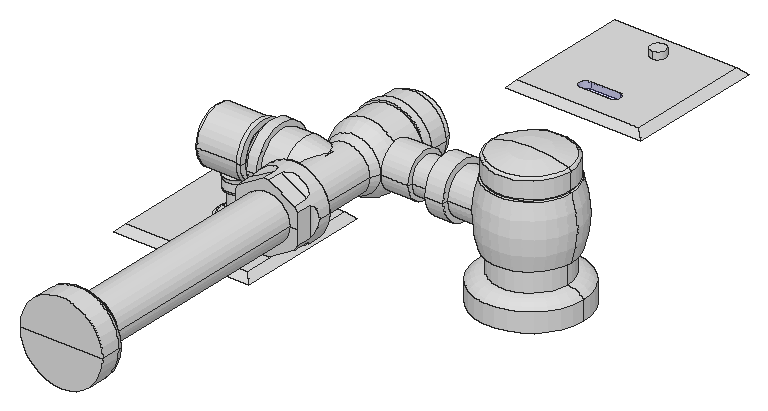
Revit family "Plumbing-Valves-Sloan-CROWN-111-ESSz", category Plumbing Fixtures, host Face, Revit 2019
Family settings
  Host = Face
  Round Connector Dimension = Use Diameter
  Part Type = Normal
  OmniClass Number = 23.45.05.14.99
  OmniClass Title = Other Sanitary Washing Plumbing Fixtures
  Cut with Voids When Loaded = No
  Shared = No
  Room Calculation Point = No
Parameters (values of type "CROWN 111 ESS-1.6-OR-HW")
  Water Inlet Connection Diameter = 1"  # constant formula
  Waste Connection = no
  WFU = 0
  Voltage = 24 V
  Vent Connection = no
  Valve Pressure Drop = 0.00 psi
  URL = "www.sloanvalve.com"
  Product data url = "https://www.bimobject.com/sloan_valve/product/flushometers_crown-111-ess"
  Product Material = Sloan Valve - Finish - Polished Chrome
  Product Guid = ""
  Power Factor = 0.8
  Part Number = "3520000"
  Operating Water Pressure = "15 – 80 PSI (103 – 552 kPa)"  # constant formula
  Number of Poles = 3
  Model = "CROWN 111 ESS-1.6-OR-HW"
  Manufacturer = "Sloan Valve"  # constant formula
  Keynote = "15410"
  Height = 13 1/2"  # constant formula
  HWFU = 0
  HW Connection = no
  Flush Rate = "1.6 gpf (6.0 Lpf)"
  Edition number = 1
  Description = "1.6 gpf, Polished Chrome Finish, Fixture Connection Top Spud, Single Flush, Electrical Override, Hardwired, Sensor-Operated, Crown® Exposed Sensor Hardwired Water Closet Flushometer."
  Default Elevation = 0"
  Current = 0 A
  Centerline of Supply to Centerline of Valve = 4 3/4"  # constant formula
  Centerline of Supply from Top of Fixture = 11 1/2"  # constant formula
  CWFU = 0
  CW Connection = yes
  Assembly Code = "D2020300"
  Apparent Load = (Voltage * Current) / (Power Factor * Number of Poles)  # 0 VA
Types (3): name | Part Number | Model | Flush Rate | Description
  CROWN 111 ESS-1.28-YO-OR-HW | "3520004" | "CROWN 111 ESS-1.28-YO-OR-HW" | "1.28 gpf (4.8 Lpf)" | "1.28 gpf, Angle Stop Bumper, Polished Chrome Finish, Fixture Connection Top Spud, Single Flush, Electrical Override, Hardwired, Sensor-Operated, Crown® Exposed Sensor Hardwired Water Closet Flushometer"
  CROWN 111 ESS-1.6-OR-HW | "3520000" | "CROWN 111 ESS-1.6-OR-HW" | "1.6 gpf (6.0 Lpf)" | "1.6 gpf, Polished Chrome Finish, Fixture Connection Top Spud, Single Flush, Electrical Override, Hardwired, Sensor-Operated, Crown® Exposed Sensor Hardwired Water Closet Flushometer."
  CROWN 111 ESS-1.28-OR-HW | "3520002" | "CROWN 111 ESS-1.28-OR-HW" | "1.28 gpf (4.8 Lpf)" | "1.28 gpf, Polished Chrome Finish, Fixture Connection Top Spud, SingleFlush, Electrical Override, Hardwired, Sensor-Operated, Crown® Exposed Sensor Hardwired Water Closet Flushometer."
Reference planes (in)
  plane 1 "Center (Front/Back)": y = 0
  plane 2: z = 0
  plane 3 "Center (Left/Right)": x = 0
  plane 4: x = 4.75
  plane 5: y = -11.5
Dimensions and locks (in)
  "Centerline of Supply to Centerline of Valve": plane 3 "Center (Left/Right)" to plane 4
  aligned and locked: plane 2 to host face
  aligned and locked: level to host face
  aligned and locked: nested 1 to plane 4
Automatic sketch dimensions
  host sketch curve to host sketch curve = 96"  (x2)
Nested families (in)
  nested 1: "Geometry" at (0, -11.5, 0) x (1, 0, 0) z (0, 1, 0), type "Geometry"
Connectors (in)
  piping at (4.75, 0, 0), diameter 1, driven by "Water Inlet Connection Diameter", driven by "CWFU", driven by "Valve Pressure Drop"
    settings: on nested 1, index 1, connector inside diameter 24", connector length 0", flow factor 0, pipe flow 0 GPM, pressure drop 0.00 psi, fitting loss kfactor 0, connector angle 0.00°, fixture units 0, engagement length 0", angle of deflection 0.00°, flow configuration 3, flow direction 1, fitting loss method 4, system type 20, joint type 0, gender type 0, connector reference index -1, connector utility 0, adjustable connector no, is connector primary yes, connector description "Water Inlet Connection"
  electrical at (-2.83158, -1.5, 0), driven by "Number of Poles", driven by "Voltage", driven by "Apparent Load", driven by "Apparent Load", driven by "Apparent Load", driven by "Power Factor"
    settings: on nested 1, index 2, voltage 24 V, apparent load 0 VA, apparent load phase1 0 VA, apparent load phase2 0 VA, apparent load phase3 0 VA, power factor 0.8, load classification "Other", number of poles 3, system type 31, power factor state 1, is connector primary yes, connector utility no, sub classification motor no, connector description "Electrical Connection"
Definition of nested family "Geometry"
  Parameters (values of type "Geometry")
    URL = ""
    Product Material = none
    Model = ""
    Manufacturer = ""
    Keynote = ""
    Description = ""
    Default Elevation = 0"
    Assembly Code = ""
  Reference planes (in)
    plane 1 "Center (Front/Back)": y = 0
    plane 2: z = 0
    plane 3 "Center (Left/Right)": x = 0
    plane 4: x = 4.75
    plane 5: y = -2.25
    plane 6: z = 11.5
  Forms (in)
    Extrusion 1, solid
      sketch origin (0, 0, 0) x (1, 0, 0) y (0, 1, 0)
        loop
          line (-48, 48) -> (-48, -48) -> (48, -48) -> (48, 48) -> (-48, 48)
      from 0 to -12
    Extrusion 2, solid, material <- "Product Material", not visible
      sketch origin (0, 0, 0) x (1, 0, 0) y (0, 0, 1)
        loop
          circle (4.75, 11.5) r 1
      from 0.07956 to 0
    Blend 3, solid, material <- "Product Material"
      base sketch origin (4.92126, 0, -15) x (-1, 0, 0) y (0, 0, 1)
        loop
          line (6.92126, 34) -> (6.92126, 38) -> (2.92126, 38) -> (2.92126, 34) -> (6.92126, 34)
      top sketch origin (4.92126, 0, -15) x (-1, 0, 0) y (0, 0, 1)
        loop
          line (3.10876, 37.8125) -> (3.10876, 34.1875) -> (6.73376, 34.1875) -> (6.73376, 37.8125) -> (3.10876, 37.8125)
      from 0 to -0.1875
    Extrusion 4, solid, material <- "Product Material"
      sketch origin (4.92126, 0, -15) x (-1, 0, 0) y (0, 0, 1)
        loop
          circle (4.92126, 37.15625) r 0.21875
      from -0.375 to -0.1875
    Blend 5, solid, material <- "Product Material"
      base sketch origin (2.08968, 0, -26) x (-1, 0, 0) y (0, 0, 1)
        loop
          line (6.92126, 34) -> (6.92126, 38) -> (2.92126, 38) -> (2.92126, 34) -> (6.92126, 34)
      top sketch origin (2.08968, 0, -26) x (-1, 0, 0) y (0, 0, 1)
        loop
          line (3.10876, 37.8125) -> (3.10876, 34.1875) -> (6.73376, 34.1875) -> (6.73376, 37.8125) -> (3.10876, 37.8125)
      from 0 to -0.1875
    Extrusion 6, solid
      sketch origin (4.92126, 0, -15) x (-1, 0, 0) y (0, 0, 1)
        loop
          line (5.34635, 35.1875) -> (4.49617, 35.1875)
          arc (4.49617, 35.1875) -> (4.30867, 35) -> (4.49617, 34.8125) r 0.1875
          line (4.49617, 34.8125) -> (5.34635, 34.8125)
          arc (5.34635, 34.8125) -> (5.53385, 35) -> (5.34635, 35.1875) r 0.1875
      from -0.1875 to 0
    Extrusion 7, void
      sketch origin (4.92126, 0, -15) x (-1, 0, 0) y (0, 0, 1)
        loop
          line (5.34635, 35.1875) -> (4.49617, 35.1875)
          arc (4.49617, 35.1875) -> (4.30867, 35) -> (4.49617, 34.8125) r 0.1875
          line (4.49617, 34.8125) -> (5.34635, 34.8125)
          arc (5.34635, 34.8125) -> (5.53385, 35) -> (5.34635, 35.1875) r 0.1875
      from -0.1875 to 0
    Revolve 8, solid, material <- "Product Material"
      sketch origin (-21.18583, -2.25, 142.48031) x (-1, 0, 0) y (0, 0, 1)
        loop
          line (-21.18583, -142.48031) -> (-21.18583, -134.86233) -> (-21.87333, -134.86233) -> (-21.87333, -141.35531) -> (-21.96281, -141.35531) -> (-21.96281, -141.73031) -> (-22.27652, -141.73031)
          arc (-22.27652, -141.73031) -> (-22.36707, -141.76782) -> (-22.40458, -141.85837) r 0.12805
          line (-22.40458, -141.85837) -> (-22.40458, -142.48031) -> (-21.18583, -142.48031)
        loop
          line (-21.18583, -133.80894) -> (-21.18583, -129.16813)
          arc (-21.18583, -129.16813) -> (-21.63772, -129.1837) -> (-22.08747, -129.23031) r 6.56794
          line (-22.08747, -129.23031) -> (-22.08747, -129.46146) -> (-22.18583, -129.46146) -> (-22.18583, -130.04281) -> (-22.24089, -130.04281) -> (-22.24089, -130.2913) -> (-22.18601, -130.2913) -> (-22.18601, -131.12971)
          arc (-22.18601, -131.12971) -> (-22.12347, -131.39925) -> (-21.98121, -131.63656) r 0.89039
          arc (-21.98121, -131.63656) -> (-21.9317, -131.77297) -> (-21.87333, -131.90582) r 2.20623
          line (-21.87333, -131.90582) -> (-21.87333, -133.80894) -> (-21.18583, -133.80894)
        axis (-21.18583, -142.48031) -> (-21.18583, -129.16813)
      angle from 0 to 360
    Revolve 9, solid, material <- "Product Material"
      sketch origin (-21.18583, -2.25, 142.48031) x (-1, 0, 0) y (0, 0, 1)
        loop
          line (-17.49676, -132.48048) -> (-17.49676, -132.32371)
          arc (-17.49676, -132.32371) -> (-17.55143, -132.19171) -> (-17.68344, -132.13703) r 0.18668
          line (-17.68344, -132.13703) -> (-17.80926, -132.13703) -> (-17.80926, -131.72972)
          arc (-17.80926, -131.72972) -> (-17.8272, -131.68642) -> (-17.8705, -131.66848) r 0.06124
          line (-17.8705, -131.66848) -> (-19.05926, -131.66848) -> (-19.05926, -131.63673) -> (-19.18583, -131.63673) -> (-19.18583, -131.80449) -> (-19.30926, -131.80449) -> (-19.30926, -131.67656) -> (-19.46587, -131.51995) -> (-19.74676, -131.51995) -> (-19.74676, -131.66002) -> (-20.41075, -131.66002) -> (-21.18736, -131.80449) -> (-21.18736, -132.48048) -> (-17.49676, -132.48048)
        axis (-17.49676, -132.48048) -> (-21.18736, -132.48048)
      angle from 0 to 360
    Revolve 10, solid, material <- "Product Material"
      sketch origin (-21.18583, -2.25, 142.48031) x (-1, 0, 0) y (0, 0, 1)
        loop
          line (-22.81083, -130.32406) -> (-22.81083, -130.44918) -> (-23.43583, -130.44918) -> (-23.43583, -130.16781) -> (-23.96708, -130.16781) -> (-23.96708, -130.32397) -> (-25.93583, -130.32397) -> (-25.93583, -130.98031) -> (-21.18583, -130.98031) -> (-21.18583, -130.32406) -> (-22.81083, -130.32406)
        axis (-21.18583, -130.98031) -> (-25.93583, -130.98031)
      angle from 0 to 360
    Revolve 11, solid, material <- "Product Material"
      sketch origin (-10.42838, -5.85827, 11.5) x (-1, 0, 0) y (0, -1, 0)
        loop
          line (-15.17838, -5.85827) -> (-15.17838, -1.77836)
          arc (-15.17838, -1.77836) -> (-15.73994, -1.81932) -> (-16.28962, -1.94132) r 3.87013
          arc (-16.28962, -1.94132) -> (-16.33236, -1.96943) -> (-16.36047, -2.01218) r 0.12647
          line (-16.36047, -2.01218) -> (-16.36047, -2.50664) -> (-16.31817, -2.50664) -> (-16.31817, -2.56576) -> (-16.39984, -2.56576)
          arc (-16.39984, -2.56576) -> (-16.55534, -3.49096) -> (-16.39984, -4.41615) r 2.83014
          line (-16.39984, -4.41615) -> (-16.25956, -4.41615) -> (-16.25956, -5.05199)
          arc (-16.25956, -5.05199) -> (-16.52375, -5.12097) -> (-16.7335, -5.29577) r 0.62651
          line (-16.7335, -5.29577) -> (-16.7335, -5.85827) -> (-15.17838, -5.85827)
        axis (-15.17838, -5.85827) -> (-15.17838, -1.77836)
      angle from 0 to 360
    Revolve 12, solid, material <- "Product Material"
      sketch origin (-10.42838, -5.85827, 10) x (-1, 0, 0) y (0, -1, 0)
        loop
          line (-7.40495, -4.81107) -> (-7.31564, -4.81107)
          arc (-7.31564, -4.81107) -> (-7.29598, -4.80293) -> (-7.28784, -4.78327) r 0.0278
          line (-7.28784, -4.78327) -> (-7.28784, -4.51462)
          arc (-7.28784, -4.51462) -> (-7.28134, -4.46522) -> (-7.26227, -4.41919) r 0.19087
          line (-7.26227, -4.41919) -> (-7.67838, -4.41919) -> (-7.67838, -5.67077) -> (-7.07902, -5.67077) -> (-7.07902, -5.56139) -> (-7.171, -5.56139) -> (-7.171, -5.49077)
          arc (-7.171, -5.49077) -> (-7.17777, -5.47442) -> (-7.19412, -5.46764) r 0.02312
          line (-7.19412, -5.46764) -> (-7.40495, -5.46764) -> (-7.40495, -4.81107)
        axis (-7.67838, -5.67077) -> (-7.67838, -4.41919)
      angle from 0 to 360
  Cuts and joins
    Extrusion 7 cuts Blend 3
  Lines and regions (in)
    Masking region 1
      outline origin (0, 0, 0) x (1, 0, 0) y (0, 1, 0)
        loop
          line (6.30453, 0) -> (3.19547, 0) -> (3.19547, -0.5625)
          arc (3.19547, -0.5625) -> (3.40596, -0.73524) -> (3.66882, -0.80628) r 0.64811
          line (3.66882, -0.80628) -> (3.66882, -1.44211) -> (3.52854, -1.44211)
          arc (3.52854, -1.44211) -> (3.50407, -1.5163) -> (3.48166, -1.59113) r 2.83546
          line (3.48166, -1.59113) -> (2.78296, -1.59113) -> (2.78296, -1.26142) -> (2.25, -1.26142) -> (2.25, -1.71632) -> (1.625, -1.71632) -> (1.625, -1.59375) -> (1.0285, -1.59375)
          arc (1.0285, -1.59375) -> (0.10495, -1.03565) -> (-0.89969, -1.42954) r 1.21875
          line (-0.89969, -1.42954) -> (-1.43907, -1.42954) -> (-1.43907, -1.29358) -> (-1.71723, -1.29358) -> (-1.87657, -1.45292) -> (-1.87657, -1.574) -> (-2, -1.574) -> (-2, -1.40625) -> (-2.12657, -1.40625) -> (-2.12657, -1.438) -> (-2.33324, -1.438)
          arc (-2.33324, -1.438) -> (-2.35524, -1.3818) -> (-2.3601, -1.32164) r 0.20715
          line (-2.3601, -1.32164) -> (-2.3601, -1.07699)
          arc (-2.3601, -1.07699) -> (-2.36913, -1.0552) -> (-2.39092, -1.04617) r 0.03082
          line (-2.39092, -1.04617) -> (-2.4774, -1.04617) -> (-2.4774, -0.39063) -> (-2.27169, -0.39063)
          arc (-2.27169, -0.39063) -> (-2.2513, -0.38218) -> (-2.24285, -0.36179) r 0.02884
          line (-2.24285, -0.36179) -> (-2.24285, -0.29688) -> (-2.15063, -0.29688) -> (-2.15063, -0.1875) -> (-0.21875, -0.1875) -> (-0.21875, -0.375) -> (0.21875, -0.375) -> (0.21875, -0.1875) -> (1.8125, -0.1875) -> (2, 0) -> (-4.83158, 0) -> (-4.64408, -0.1875) -> (-3.34937, -0.1875) -> (-3.34937, -0.29688) -> (-3.25715, -0.29688) -> (-3.25715, -0.36179)
          arc (-3.25715, -0.36179) -> (-3.2487, -0.38218) -> (-3.22831, -0.39063) r 0.02884
          line (-3.22831, -0.39063) -> (-3.0226, -0.39063) -> (-3.0226, -1.04617) -> (-3.10908, -1.04617)
          arc (-3.10908, -1.04617) -> (-3.13087, -1.0552) -> (-3.1399, -1.07699) r 0.03082
          line (-3.1399, -1.07699) -> (-3.1399, -1.32164)
          arc (-3.1399, -1.32164) -> (-3.14476, -1.3818) -> (-3.16676, -1.438) r 0.20715
          line (-3.16676, -1.438) -> (-3.30757, -1.438)
          arc (-3.30757, -1.438) -> (-3.35718, -1.45854) -> (-3.37773, -1.50815) r 0.07015
          line (-3.37773, -1.50815) -> (-3.37773, -1.90576) -> (-3.51487, -1.90576)
          arc (-3.51487, -1.90576) -> (-3.63987, -1.95754) -> (-3.69164, -2.08254) r 0.17678
          line (-3.69164, -2.08254) -> (-3.69164, -2.25) -> (-3.69164, -2.41746)
          arc (-3.69164, -2.41746) -> (-3.63987, -2.54246) -> (-3.51487, -2.59424) r 0.17678
          line (-3.51487, -2.59424) -> (-3.37773, -2.59424) -> (-3.37773, -2.99185)
          arc (-3.37773, -2.99185) -> (-3.35718, -3.04146) -> (-3.30757, -3.062) r 0.07015
          line (-3.30757, -3.062) -> (-2.12657, -3.062) -> (-2.12657, -3.09375) -> (-2, -3.09375) -> (-2, -2.926) -> (-1.87657, -2.926) -> (-1.87657, -3.04708) -> (-1.71723, -3.20642) -> (-1.43907, -3.20642) -> (-1.43907, -3.07046) -> (-0.90122, -3.07046)
          arc (-0.90122, -3.07046) -> (0.10416, -3.46448) -> (1.0285, -2.90625) r 1.22009
          line (1.0285, -2.90625) -> (1.625, -2.90625) -> (1.625, -2.77889) -> (2.25, -2.77889) -> (2.25, -3.23579) -> (2.78296, -3.23579) -> (2.78296, -2.90688) -> (3.42517, -2.90688)
          arc (3.42517, -2.90688) -> (3.47006, -3.10152) -> (3.52854, -3.29251) r 2.83546
          line (3.52854, -3.29251) -> (3.61021, -3.29251) -> (3.61021, -3.35162) -> (3.56791, -3.35162) -> (3.56791, -3.84609)
          arc (3.56791, -3.84609) -> (3.59567, -3.88918) -> (3.63877, -3.91694) r 0.12116
          arc (3.63877, -3.91694) -> (4.75, -4.08111) -> (5.86123, -3.91694) r 3.84302
          arc (5.86123, -3.91694) -> (5.90433, -3.88918) -> (5.93209, -3.84609) r 0.12116
          line (5.93209, -3.84609) -> (5.93209, -3.35162) -> (5.88979, -3.35162) -> (5.88979, -3.29251) -> (5.97146, -3.29251)
          arc (5.97146, -3.29251) -> (6.12665, -2.36731) -> (5.97146, -1.44211) r 2.83546
          line (5.97146, -1.44211) -> (5.83118, -1.44211) -> (5.83118, -0.80628)
          arc (5.83118, -0.80628) -> (6.09404, -0.73524) -> (6.30453, -0.5625) r 0.64811
          line (6.30453, -0.5625) -> (6.30453, 0)
    symbolic lines, detail levels medium+fine
      curve 1: line (5.83118, -1.44211, 0) -> (3.66882, -1.44211, 0)
      curve 2: line (5.83118, -0.80628, 0) -> (3.66882, -0.80628, 0)
      curve 3: line (3.19547, -0.5625, 0) -> (6.30512, -0.5625, 0)
      curve 4: line (2.78125, -1.4375, 0) -> (2.78125, -2.25, 0)
      curve 5: line (2.78125, -2.25, 0) -> (2.78125, -3.0625, 0)
      curve 6: line (2.25, -1.4375, 0) -> (2.25, -2.25, 0)
      curve 7: line (2.25, -2.25, 0) -> (2.25, -3.0625, 0)
      curve 8: line (5.88979, -3.29251, 0) -> (3.61021, -3.29251, 0)
      curve 9: line (5.88979, -3.35162, 0) -> (3.61021, -3.35162, 0)
      curve 10: line (-3.37657, -2.25, 0) -> (-3.37657, -1.49924, 0)
      curve 11: line (-3.37657, -3.00076, 0) -> (-3.37657, -2.25, 0)
      curve 12: line (-2.12657, -2.25, 0) -> (-2.12657, -1.40625, 0)
      curve 13: line (-2.12657, -3.09375, 0) -> (-2.12657, -2.25, 0)
      curve 14: line (-2, -2.25, 0) -> (-2, -1.40625, 0)
      curve 15: line (-2, -3.09375, 0) -> (-2, -2.25, 0)
      curve 16: line (-1.87657, -2.25, 0) -> (-1.87657, -1.44608, 0)
      curve 17: line (-1.87657, -3.05392, 0) -> (-1.87657, -2.25, 0)
      curve 18: line (-1.43907, -2.25, 0) -> (-1.43907, -1.28946, 0)
      curve 19: line (-1.43907, -3.21054, 0) -> (-1.43907, -2.25, 0)
      curve 20: line (-1.72086, -3.21054, 0) -> (-1.72086, -1.28946, 0)
      curve 21: line (-3.16612, -1.43908, 0) -> (-2.33388, -1.43908, 0)
      curve 22: line (-3.11275, -1.0472, 0) -> (-2.38725, -1.0472, 0)
      curve 23: line (-3.23426, -0.39063, 0) -> (-2.26574, -0.39063, 0)
      curve 24: line (-3.34937, -0.29688, 0) -> (-2.15063, -0.29688, 0)
      curve 37: line (1.625, -2.25, 0) -> (1.625, -1.59375, 0)
      curve 38: line (1.625, -2.90625, 0) -> (1.625, -2.25, 0)
    symbolic lines, detail levels fine
      curve 25: line (-2, 0, 0) -> (-1.8125, -0.1875, 0)
      curve 26: line (-1.8125, -0.1875, 0) -> (1.8125, -0.1875, 0)
      curve 27: arc (0.90625, -2.25, 0) -> (0, -1.34375, 0) -> (-0.90625, -2.25, 0) r 0.90625
      curve 28: arc (-1, -2.25, 0) -> (0, -1.25, 0) -> (1, -2.25, 0) r 1
      curve 29: arc (-1.05506, -2.25, 0) -> (0, -1.19494, 0) -> (1.05506, -2.25, 0) r 1.05506
      curve 30: arc (-0.90625, -2.25, 0) -> (0, -3.15625, 0) -> (0.90625, -2.25, 0) r 0.90625
      curve 31: arc (1, -2.25, 0) -> (0, -3.25, 0) -> (-1, -2.25, 0) r 1
      curve 32: arc (1.05506, -2.25, 0) -> (0, -3.30506, 0) -> (-1.05506, -2.25, 0) r 1.05506
      curve 33: line (-0.90038, -1.42862, 0) -> (-0.77508, -1.42862, 0)
      curve 34: line (-0.77508, -1.42862, 0) -> (-0.68364, -1.44639, 0)
      curve 35: line (-0.90165, -3.06999, 0) -> (-0.77508, -3.06999, 0)
      curve 36: line (-0.77508, -3.06999, 0) -> (-0.68339, -3.05382, 0)
      curve 39: line (1.625, -1.59375, 0) -> (0.82612, -1.59375, 0)
      curve 40: line (1.625, -2.90625, 0) -> (0.82612, -2.90625, 0)
  Dimensions and locks (in)
    Extrusion 2 sketch curve to plane 2 = 11 1/2"
    Extrusion 2 sketch curve to plane 3 "Center (Left/Right)" = 4 3/4"
    plane 3 "Center (Left/Right)" to plane 4 = 4 3/4"
    plane 6 to plane 2 = 11 1/2"
    aligned and locked: plane 2 to Extrusion 1
    aligned and locked: level to Extrusion 1
    aligned and locked: Extrusion 2 to plane 1 "Center (Front/Back)"
  Nested families (in)
    nested 1: "Royal Adapter TYPE-2" at (0, -2.25, 7.61799) x (-1, 0, 0) z (0, 0, 1), type "Optima Adapter"
  Definition of nested family "Royal Adapter TYPE-2"
    Parameters (values of type "Optima Adapter")
      Flushometer Body = none
      Assembly Code = ""
    Reference planes (in)
      plane 1 "Center (Front/Back)": y = 0
      plane 2 "Bottom": z = 0
      plane 3 "Center (Left/Right)": x = 0
      plane 4: z = 0.6875
      plane 5: z = 0
      plane 6 "Top": z = 1.15625
      plane 7: x = -1.00394
      plane 8: x = 1.00394
      plane 9: y = 1.00394
      plane 10: y = -1.00394
      plane 11: x = -0.90551
      plane 12: x = 0.90551
      plane 13: y = 0.90551
      plane 14: y = -0.90551
    Forms (in)
      Blend 1, solid, material <- "Flushometer Body"
        base sketch origin (0, 0, 0.7874) x (1, 0, 0) y (0, 1, 0)
          loop
            circle (0, 0) r 1.02362
        top sketch origin (0, 0, 0.7874) x (1, 0, 0) y (0, 1, 0)
          loop
            circle (0, 0) r 0.90625
        from 0.26599 to 0.36885
      Revolve 2, solid, material <- "Flushometer Body"
        sketch origin (0, 0, -6.85938) x (1, 0, 0) y (0, 0, 1)
          loop
            line (-1.02362, 7.91276) -> (-1.02362, 6.85938) -> (0, 6.85938) -> (0, 7.91276) -> (-1.02362, 7.91276)
          axis (0, 6.85938) -> (0, 7.91276)
        angle from 0 to 360
      Sweep 3, void
        path origin (0, 0, 0) x (1, 0, 0) y (0, 1, 0)
          loop
            line (-0.89294, 0.51554) -> (-0.89294, -0.51554) -> (0, -1.03108) -> (0.89294, -0.51554) -> (0.89294, 0.51554) -> (0, 1.03108) -> (-0.89294, 0.51554)
        profile origin (-0.89294, 0, 0) x (1, 0, 0) y (0, 0, 1)
          loop
            line (-0.23737, 0) -> (-0.02958, 0) -> (-0.02958, 0.45225)
            arc (-0.02958, 0.45225) -> (-0.08669, 0.63339) -> (-0.23737, 0.74902) r 0.31581
            line (-0.23737, 0.74902) -> (-0.23737, 0)
    Cuts and joins
      Sweep 3 cuts Revolve 2
    Dimensions and locks (in)
      locked: plane 6 "Top" to plane 4 at 0.46875
      locked: plane 4 to plane 5 at 0.6875
      locked: plane 8 to plane 7 at 2.00787
      locked: plane 11 to plane 12 at 1.81102
      locked: plane 9 to plane 10 at 2.00787
      locked: plane 13 to plane 14 at 1.81102
      aligned and locked: level to plane 2 "Bottom"
      aligned and locked: plane 2 "Bottom" to plane 5
      aligned and locked: Blend 1 to plane 6 "Top"
      aligned and locked: Blend 1 to Revolve 2 sketch curve
      aligned and locked: plane 3 "Center (Left/Right)" to Revolve 2 sketch curve
      aligned and locked: Revolve 2 sketch curve to Revolve 2 sketch curve
      aligned and locked: level to Revolve 2 sketch curve
      aligned and locked: profile plane to Sweep 3 sketch curve
